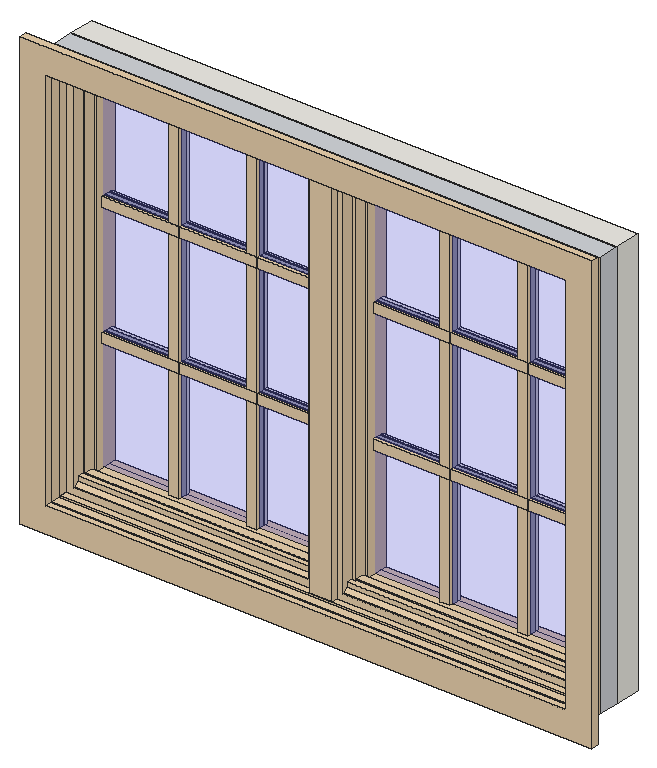
Revit family "1 Window-Casement-Andersen-400_Series_Twin", category Windows, host Wall, Revit 2014 (continued)
Definition of nested family "Andersen_Sash_Panel"
  Automatic sketch dimensions
    Split face 5 sketch curve to Extrusion 1 = 0' - 0"  (x4)
    Split face 6 sketch curve to Extrusion 1 = 0' - 0"  (x2)
    Extrusion 1 to Split face 6 sketch curve = 0' - 0"  (x2)
    Extrusion 1 to Split face 7 sketch curve = 0' - 0"  (x2)
    Split face 7 sketch curve to Extrusion 1 = 0' - 0"  (x2)
    Split face 8 sketch curve to Extrusion 1 = 0' - 0"  (x4)
    curve 1 to plane 10 "GlazingA" = 0' - 0"
    curve 7 to plane 9 "Glazing Top" = 0' - 0"
    curve 3 to plane 9 "Glazing Top" = 0' - 0"
    curve 8 to plane 9 "Glazing Top" = 0' - 0"
    curve 7 to plane 7 "Glazing Bottom" = 0' - 0"
    curve 4 to plane 7 "Glazing Bottom" = 0' - 0"
    curve 8 to plane 7 "Glazing Bottom" = 0' - 0"
  Nested families (in)
    nested 1: "Andersen_Grille_Bar" at (8.15885, 0.65234, 17.40625) x (1, 0, 0) z (0, -1, 0), Bar Width <- "GrilleBarSize", Bar Length <- "BarLengthVertical", visible <- "MultipleVertBar Visibility", type "Andersen_Grille_Bar"
      with Center Line Length 2' - 7 7/8", Center Line 1, Bar Width 0' - 0 7/8", Bar Length 2' - 7 7/16"
    nested 2: "Andersen_Grille_Bar" at (15.00521, 0.65234, 17.40625) x (1, 0, 0) z (0, -1, 0), Bar Width <- "GrilleBarSize", Bar Length <- "BarLengthVertical", visible <- "MultipleVertBar Visibility", type "Andersen_Grille_Bar"
      with Center Line Length 2' - 7 7/8", Center Line 1, Bar Width 0' - 0 7/8", Bar Length 2' - 7 7/16"
    nested 3: "Andersen_Grille_Bar" at (11.58203, 0.65234, 17.40625) x (1, 0, 0) z (0, -1, 0), Bar Width <- "GrilleBarSize", visible <- "SingleVertBarVisibility", Bar Length <- "BarLengthVertical", type "Andersen_Grille_Bar"
      with Center Line Length 2' - 7 7/8", Center Line 1, Bar Width 0' - 0 7/8", Bar Length 2' - 7 7/16"
    nested 4: "Andersen_Grille_Bar" at (11.58203, 0.65234, 17.40625) x (0, 0, -1) z (0, -1, 0), Bar Width <- "GrilleBarSize", Bar Length <- "BarLengthHorizontal", visible <- "SingleHorBarVisibility", type "Andersen_Grille_Bar"
      with Center Line Length 1' - 8 13/128", Center Line 1, Bar Width 0' - 0 7/8", Bar Length 1' - 7 85/128"
    nested 5: "Andersen_Grille_Bar" at (11.58203, 0.65234, 12.02083) x (0, 0, 1) z (0, -1, 0), Bar Width <- "GrilleBarSize", Bar Length <- "BarLengthHorizontal", visible <- "MultipleHorBarVisibility", type "Andersen_Grille_Bar"
      with Center Line Length 1' - 8 13/128", Center Line 1, Bar Width 0' - 0 7/8", Bar Length 1' - 7 85/128"
    nested 6: "Andersen_Grille_Bar" at (11.58203, 0.65234, 22.79167) x (0, 0, 1) z (0, -1, 0), Bar Width <- "GrilleBarSize", Bar Length <- "BarLengthHorizontal", visible <- "MultipleHorBarVisibility", type "Andersen_Grille_Bar"
      with Center Line Length 1' - 8 13/128", Center Line 1, Bar Width 0' - 0 7/8", Bar Length 1' - 7 85/128"
    nested 7: "Andersen_Grille_Bar" at (11.58203, 0.65234, 25.48438) x (0, 0, -1) z (0, -1, 0), Bar Width <- "GrilleBarSize", Bar Length <- "BarLengthHorizontal", visible <- "S H Fractional", type "Andersen_Grille_Bar"
      with Center Line Length 1' - 8 13/128", Center Line 1, Bar Width 0' - 0 7/8", Bar Length 1' - 7 85/128"
  Definition of nested family "Andersen_Grille_Bar"
    Parameters (values of type "Andersen_Grille_Bar")
      Interior Bar Visibility = yes
      Interior Bar Thickness = 0' - 0 27/128"
      Interior Bar Material = Wood - Andersen - Pine
      Glass Pane Thickness = 0' - 0 1/8"
      Glass OA Thickness = 0' - 0 5/8"
      Exterior Bar Visibility = yes
      Exterior Bar Thickness = 0' - 0 27/128"
      Exterior Bar Finish = none
      Default Elevation = 4' - 0"
      Center Line Length [instance] = if(Center Line = 1, Bar Length + (Bar Width / 2), Bar Length)  # 0' - 4 7/16"
      Center Line [instance] = 1
      Between Glass Bar Visibility = yes
      Between Glass Bar Finish = Stainless Steel - Andersen - Standard
      Bar Width [instance] = 0' - 0 7/8"
      Bar Length [instance] = 0' - 4"
    Reference planes (in)
      plane 1 "Center (Front/Back)": y = 0
      plane 2 "a": z = 0
      plane 3 "Center (Left/Right)": x = 0
      plane 4 "1": x = -0.4375
      plane 5 "2": x = 0.4375
      plane 6: y = 2
      plane 7: y = -2
      plane 8 "b": z = -0.625
      plane 9: y = -2.4375
      plane 10 "a1": z = 12
      plane 11 "a2": z = -12
    Forms (in)
      Extrusion 1, solid
        sketch origin (0, 0, 0) x (1, 0, 0) y (0, 1, 0)
          loop
            line (-48, 48) -> (-48, -48) -> (48, -48) -> (48, 48) -> (-48, 48)
        from 0 to -12
      Extrusion 2, solid, material <- "Exterior Bar Finish", visible <- "Exterior Bar Visibility", detail levels fine
        sketch origin (0, 0, 0) x (1, 0, 0) y (0, 1, 0)
          loop
            line (-0.4375, 2) -> (-0.4375, -2) -> (0.4375, -2) -> (0.4375, 2) -> (-0.4375, 2)
        from 0 to 0.21094
      Extrusion 3, solid, material "Stainless Steel - Andersen - Standard" <- "Between Glass Bar Finish", visible <- "Between Glass Bar Visibility", detail levels fine
        sketch origin (0, 0, 0) x (1, 0, 0) y (0, 1, 0)
          loop
            line (-0.4375, 2) -> (-0.4375, -2) -> (0.4375, -2) -> (0.4375, 2) -> (-0.4375, 2)
        from -0.5 to -0.125
      Extrusion 4, solid, material "Wood - Andersen - Pine" <- "Interior Bar Material", visible <- "Interior Bar Visibility", detail levels fine
        sketch origin (0, 0, 0) x (1, 0, 0) y (0, 1, 0)
          loop
            line (-0.4375, 2) -> (-0.4375, -2) -> (0.4375, -2) -> (0.4375, 2) -> (-0.4375, 2)
        from -0.83594 to -0.625
    Lines and regions (in)
      model lines, style "GenericModel", detail levels coarse+medium
        curve 1: line (0, 2, 0) -> (0, -2.4375, 0)
      symbolic lines, style "GenericModel", detail levels coarse+medium
        curve 2: line (0, 2, 12) -> (0, -2.4375, 12)
    Dimensions and locks (in)
      "Glass OA Thickness": plane 2 "a" to plane 8 "b"
      "Exterior Bar Thickness": Extrusion 2 to Extrusion 2
      "Interior Bar Thickness": plane 8 "b" to Extrusion 4
      equal spacing: plane 4 "1", plane 3 "Center (Left/Right)", plane 5 "2"
      equal spacing: plane 6, plane 1 "Center (Front/Back)", plane 7
      "Bar Width": plane 4 "1" to plane 5 "2"
      "Bar Length": plane 6 to plane 7
      "Center Line Length": plane 6 to plane 9
      locked: plane 10 "a1" to plane 2 "a" at 12
      locked: plane 2 "a" to plane 11 "a2" at 12
      "Glass Pane Thickness": Extrusion 3 to plane 8 "b"
      "Glass Pane Thickness": plane 2 "a" to Extrusion 3
      aligned and locked: plane 2 "a" to Extrusion 1
      aligned and locked: level to Extrusion 1
      aligned and locked: Extrusion 2 to plane 2 "a"
      aligned and locked: Extrusion 2 to plane 4 "1"
      aligned and locked: plane 5 "2" to Extrusion 2
      aligned and locked: plane 6 to Extrusion 2
      aligned and locked: Extrusion 2 to plane 7
      aligned and locked: Extrusion 3 to plane 4 "1"
      aligned and locked: plane 5 "2" to Extrusion 3
      aligned and locked: plane 6 to Extrusion 3
      aligned and locked: Extrusion 3 to plane 7
      aligned and locked: plane 8 "b" to Extrusion 4
      aligned and locked: Extrusion 4 to plane 4 "1"
      aligned and locked: plane 5 "2" to Extrusion 4
      aligned and locked: plane 6 to Extrusion 4
      aligned and locked: Extrusion 4 to plane 7
      aligned and locked: plane 6 to curve 1
      aligned and locked: plane 9 to curve 1
      aligned and locked: curve 1 to plane 3 "Center (Left/Right)"
      aligned and locked: plane 6 to curve 2
      aligned and locked: plane 9 to curve 2
      aligned and locked: curve 2 to plane 3 "Center (Left/Right)"
    Automatic sketch dimensions
      Extrusion 1 sketch curve to Extrusion 1 sketch curve = 8' - 0"  (x2)
      plane 7 to Extrusion 2 sketch curve = 0' - 0"
      Extrusion 2 sketch curve to plane 5 "2" = 0' - 0 7/8"
      Extrusion 2 sketch curve to plane 6 = 0' - 0"
      Extrusion 2 sketch curve to Extrusion 2 sketch curve = 0' - 0 7/8"
      plane 7 to Extrusion 3 sketch curve = 0' - 0"
      Extrusion 3 sketch curve to plane 5 "2" = 0' - 0 7/8"
      Extrusion 3 sketch curve to plane 6 = 0' - 0"
      Extrusion 3 sketch curve to Extrusion 3 sketch curve = 0' - 0 7/8"
      Extrusion 4 sketch curve to plane 7 = 0' - 0"
      Extrusion 4 sketch curve to plane 5 "2" = 0' - 0 7/8"
      Extrusion 4 sketch curve to plane 6 = 0' - 0"
      Extrusion 4 sketch curve to Extrusion 4 sketch curve = 0' - 0 7/8"
